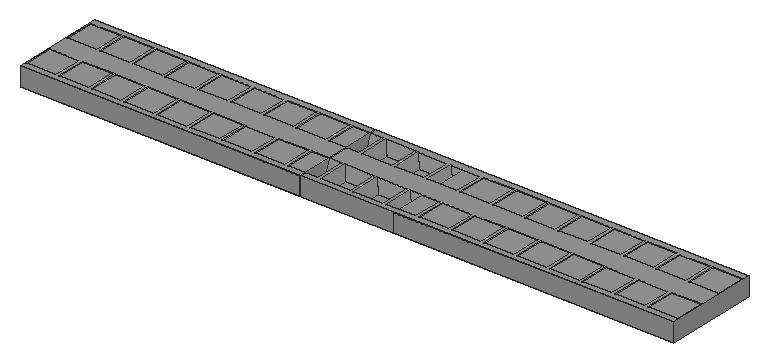
Revit family "2023772", category Lighting Fixtures, host Face, Revit 2018 (continued)
Automatic sketch dimensions
  plane 12 to Extrusion 66 sketch curve = 10.5 mm
  Extrusion 66 sketch curve to plane 6 = 23.5 mm
  plane 50 to Extrusion 67 sketch curve = 10.5 mm
  Extrusion 67 sketch curve to plane 14 = 10.5 mm
  plane 12 to Extrusion 67 sketch curve = 10.5 mm
  Extrusion 67 sketch curve to plane 6 = 23.5 mm
  plane 15 to Extrusion 68 sketch curve = 10.5 mm
  Extrusion 68 sketch curve to plane 16 = 10.5 mm
  plane 12 to Extrusion 68 sketch curve = 10.5 mm
  Extrusion 68 sketch curve to plane 6 = 23.5 mm
  plane 17 to Extrusion 69 sketch curve = 10.5 mm
  Extrusion 69 sketch curve to plane 18 = 10.5 mm
  plane 12 to Extrusion 69 sketch curve = 10.5 mm
  Extrusion 69 sketch curve to plane 6 = 23.5 mm
  plane 19 to Extrusion 70 sketch curve = 10.5 mm
  Extrusion 70 sketch curve to plane 20 = 10.5 mm
  plane 12 to Extrusion 70 sketch curve = 10.5 mm
  Extrusion 70 sketch curve to plane 6 = 23.5 mm
  plane 21 to Extrusion 71 sketch curve = 10.5 mm
  Extrusion 71 sketch curve to plane 22 = 10.5 mm
  plane 12 to Extrusion 71 sketch curve = 10.5 mm
  Extrusion 71 sketch curve to plane 6 = 23.5 mm
  plane 23 to Extrusion 72 sketch curve = 10.5 mm
  Extrusion 72 sketch curve to plane 24 = 10.5 mm
  plane 12 to Extrusion 72 sketch curve = 10.5 mm
  Extrusion 72 sketch curve to plane 6 = 23.5 mm
  plane 31 to Extrusion 73 sketch curve = 10.5 mm
  Extrusion 73 sketch curve to plane 32 = 10.5 mm
  plane 12 to Extrusion 73 sketch curve = 10.5 mm
  Extrusion 73 sketch curve to plane 6 = 23.5 mm
  plane 33 to Extrusion 74 sketch curve = 10.5 mm
  Extrusion 74 sketch curve to plane 34 = 10.5 mm
  plane 12 to Extrusion 74 sketch curve = 10.5 mm
  Extrusion 74 sketch curve to plane 6 = 23.5 mm
  plane 35 to Extrusion 75 sketch curve = 10.5 mm
  Extrusion 75 sketch curve to plane 36 = 10.5 mm
  plane 12 to Extrusion 75 sketch curve = 10.5 mm
  Extrusion 75 sketch curve to plane 6 = 23.5 mm
  plane 37 to Extrusion 76 sketch curve = 10.5 mm
  Extrusion 76 sketch curve to plane 38 = 10.5 mm
  plane 12 to Extrusion 76 sketch curve = 10.5 mm
  Extrusion 76 sketch curve to plane 6 = 23.5 mm
  plane 39 to Extrusion 77 sketch curve = 10.5 mm
  Extrusion 77 sketch curve to plane 40 = 10.5 mm
  plane 12 to Extrusion 77 sketch curve = 10.5 mm
  Extrusion 77 sketch curve to plane 6 = 23.5 mm
  plane 41 to Extrusion 78 sketch curve = 10.5 mm
  Extrusion 78 sketch curve to plane 42 = 10.5 mm
  plane 12 to Extrusion 78 sketch curve = 10.5 mm
  Extrusion 78 sketch curve to plane 6 = 23.5 mm
  plane 43 to Extrusion 79 sketch curve = 10.5 mm
  Extrusion 79 sketch curve to plane 44 = 10.5 mm
  plane 12 to Extrusion 79 sketch curve = 10.5 mm
  Extrusion 79 sketch curve to plane 6 = 23.5 mm
  plane 45 to Extrusion 80 sketch curve = 10.5 mm
  Extrusion 80 sketch curve to plane 46 = 10.5 mm
  plane 12 to Extrusion 80 sketch curve = 10.5 mm
  Extrusion 80 sketch curve to plane 6 = 23.5 mm
  plane 47 to Extrusion 81 sketch curve = 10.5 mm
  Extrusion 81 sketch curve to plane 48 = 10.5 mm
  plane 12 to Extrusion 81 sketch curve = 10.5 mm
  Extrusion 81 sketch curve to plane 6 = 23.5 mm
  plane 49 to Extrusion 82 sketch curve = 10.5 mm
  Extrusion 82 sketch curve to plane 51 = 10.509 mm
  plane 12 to Extrusion 82 sketch curve = 10.5 mm
  Extrusion 82 sketch curve to plane 6 = 23.5 mm
  plane 25 to Extrusion 83 sketch curve = 10.5 mm
  Extrusion 83 sketch curve to plane 26 = 10.5 mm
  plane 12 to Extrusion 83 sketch curve = 10.5 mm
  Extrusion 83 sketch curve to plane 6 = 23.5 mm
  plane 27 to Extrusion 84 sketch curve = 10.5 mm
  Extrusion 84 sketch curve to plane 28 = 10.5 mm
  plane 12 to Extrusion 84 sketch curve = 10.5 mm
  Extrusion 84 sketch curve to plane 6 = 23.5 mm
  plane 29 to Extrusion 85 sketch curve = 10.5 mm
  Extrusion 85 sketch curve to plane 30 = 10.5 mm
  plane 12 to Extrusion 85 sketch curve = 10.5 mm
  Extrusion 85 sketch curve to plane 6 = 23.5 mm
  Extrusion 86 sketch curve to plane 4 = 0 mm
  Extrusion 86 sketch curve to plane 5 = 0 mm
  Extrusion 86 sketch curve to plane 7 = 0 mm
  Extrusion 86 sketch curve to plane 6 = 0 mm
Connectors
  electrical at (0, 0, 0), driven by "Apparent Load", driven by "PowerFactor", driven by "Voltage"
    settings: index 1, voltage 0 V, apparent load 46 VA, apparent load phase1 0 VA, apparent load phase2 0 VA, apparent load phase3 0 VA, power factor 0, load classification "Lighting", number of poles 1, system type 30, power factor state 1, is connector primary yes, connector utility no, sub classification motor no, connector description ""
